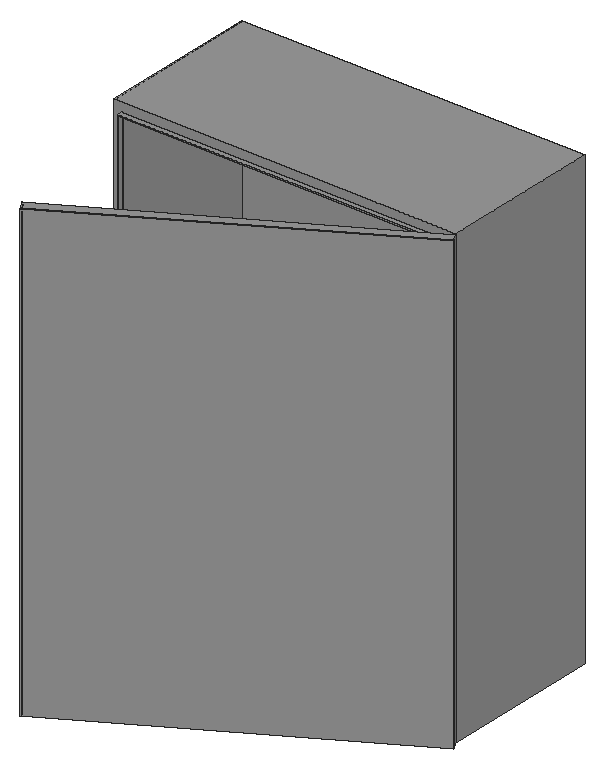
Revit family "Hager-Orion_Inox-IP65-D300-Cl.I-Inox_encl-630A-800mm-NoHosted-IT-it", category Equipement électrique, Revit 2020
Family settings
  Configuration du panneau = Deux colonnes, circuits au sein
  Cote de connecteur circulaire = Utiliser le diamètre
  Type d'élément = Tableau de raccordement
  Basée sur le plan de construction = Oui
  Toujours verticalement = Oui
  Couper avec des vides une fois chargée = Non
  Partagée = Non
  Point de calcul de pièce = Non
Parameters (values of type "incassato IP65 L600 A800 P300  - FL729BW")
  Width Control [instance] = if([EF000008 - Larghezza] > Min Width, [EF000008 - Larghezza], Min Width)  # 600 mm
  Commentaires du type = [HG000003 - Gamma]  # "Orion Inox"
  Thickness Door [instance] = if([EF009171 - spessore materiale porta/coperchio] > 3 mm, 3 mm, [EF009171 - spessore materiale porta/coperchio])  # 1.5 mm
  Seal Frame Offset [instance] = 17 mm  # constant formula
  Min Width [instance] = 100 mm  # constant formula
  Min Depth [instance] = (2 * [EF009170 - spessore materiale scatola]) + 1 mm  # 3.4 mm
  Min Height [instance] = 100 mm  # constant formula
  Internal Frame Depth [instance] = -(Door System Depth * 0.5)  # -9 mm
  Panel Name [instance] = ""  # (empty or 0)
  Model = ""
  HG000027 - Altezza dello zoccolo = 0 mm
  HG000026 - A pavimento = no
  HG000024 - Altezza della sezione inferiore = 600 mm
  HG000023 - Custodia a doppia sezione = no
  HG000016 - Visibilità delle porte nella vista 3D [instance] = yes
  HG000015 - Visibilità attraverso la porta [instance] = no
  HG000014 - Porta destra [instance] = yes
  HG000013 - Porta sinistra [instance] = not([HG000014 - Porta destra])  # no
  HG000012 - Angolo di apertura della porta [instance] = 30.00°
  HG000010 - Porte asimmetriche = no
  HG000009 - Porta doppia a battente = no
  HG000006 - Ad incasso = yes
  HG000004 - Codice produttore = "FL729BW"
  HG000003 - Gamma = "Orion Inox"
  HG000002 - Con porta = yes
  Frame Offset Bottom [instance] = 10 mm  # constant formula
  Frame Offset [instance] = 15 mm  # constant formula
  EF015940 - Coprire con rilascio di sovrapressione = no
  EF011959 - tipo di protezione (NEMA) = ""
  EF009554 - numero delle aperture per la piastra della flangia = 2
  EF009212 - esecuzione coperchio = "EV009916 - con taglio"
  EF009171 - spessore materiale porta/coperchio = 1.5 mm
  EF009170 - spessore materiale scatola = 1.2 mm
  EF008873 - corrente nominale (In) = 630 A
  EF007800 - adatto per parafulmine = no
  EF006306 - con serratura = yes
  EF006244 - coperchio/porta trasparente = no
  EF005474 - grado di protezione (IP) = "EV006421 - IP65"
  EF004464 - tipo di porta = "EV002646 - singolo"
  EF004427 - numero di moduli = 0
  EF004293 - resistenza agli urti = "EV008784 - IK10"
  EF003532 - adatto per uso esterno = yes
  EF002950 - Numero moduli DIN = 0
  EF001613 - Integrità del circuito = ""
  EF001596 - Attacco Lampada = "EV000166 - acciaio inossidabile"
  EF001131 - profondità interna = 200 mm
  EF001088 - possibilità di applicazione = no
  EF000437 - numero di ingressi per conduttori = 2
  EF000339 - tipo di copertura = "EV004216 - porta"
  EF000266 - numero di file = 0
  EF000218 - profondità di incasso = 0 mm
  EF000118 - con piastra di montaggio = yes
  EF000116 - numero RAL = ""
  EF000049 - profondità = 300 mm
  EF000040 - Altezza = 800 mm
  EF000008 - Larghezza = 600 mm
  EF000007 - colore = "EV000154 - altri"
  EF000003 - Tipo di montaggio = "EV001247 - apparente/incassato"
  Door System Leaf Tolerance [instance] = 1.5 mm  # constant formula
  Door System Depth [instance] = 18 mm  # constant formula
  Description = ""
  Default Elevation = 1219.2 mm
  Connector Offset [instance] = Height Control / 2  # 400 mm
  Fabricant = "Hager"  # constant formula
  Height Control [instance] = if([EF000040 - Altezza] > Min Height, [EF000040 - Altezza], Min Height)  # 800 mm
  Depth Control [instance] = if([EF000049 - profondità] > Min Depth, [EF000049 - profondità], Min Depth)  # 300 mm
Types (2, lengths in mm): name | HG000006 - Ad incasso
  apparente IP65 L600 A800 P300  - FL729BW | no
  incassato IP65 L600 A800 P300  - FL729BW | yes
Reference planes
  plane 1 "Center (Front/Back)": y = 0
  plane 2: z = 0
  plane 3 "Center (Left/Right)": x = 0
  plane 4: y = 0
  plane 5: y = 0
  plane 6: z = 0
  plane 7: x = -300
  plane 8: x = 300
  plane 9: x = 298.8
  plane 10: x = -298.8
  plane 11: z = 0
  plane 12: z = 1.2
  plane 13: y = -300
  plane 14: y = -1.2
  plane 15: x = 0
  plane 16: y = -282
  plane 17: y = -298.8
  plane 18: y = -280.8
  plane 19: x = -283.8
  plane 20: x = 283.8
  plane 21: z = 11.2
  plane 22: x = -283
  plane 23: x = 283
  plane 24: z = 0
  plane 25: z = 800
  plane 26: z = 800
  plane 27: z = 783.8
  plane 28: z = 798.8
Forms (mm)
  Extrusion 1, solid, material "Hager_Stainless_Steel", detail levels medium+fine
    sketch origin (-208.679, -4572, 0) x (-1, 0, 0) y (0, -1, 0)
      loop
        line (91.321, -4290) -> (-508.679, -4290) -> (-508.679, -4572) -> (91.321, -4572) -> (91.321, -4290)
    from 0 to 800
  Extrusion 2, void
    sketch origin (-350.771, -300, 1219.2) x (1, 0, 0) y (0, 0, 1)
      loop
        line (51.971, -420.4) -> (51.971, -1218) -> (649.571, -1218) -> (649.571, -420.4) -> (51.971, -420.4)
    from -19.2 to -298.8
  Extrusion 3, void
    sketch origin (-290.084, -282, 1219.2) x (1, 0, 0) y (0, 0, 1)
      loop
        line (6.284, -1208) -> (573.884, -1208) -> (573.884, -435.4) -> (6.284, -435.4) -> (6.284, -1208)
    from 0 to -1.2
  Extrusion 4, solid, material "Hager_Stainless_Steel", detail levels fine
    sketch origin (-290.084, -282, 1219.2) x (-1, 0, 0) y (0, 0, 1)
      loop
        line (-573.884, -1208) -> (-6.284, -1208) -> (-6.284, -435.4) -> (-573.884, -435.4) -> (-573.884, -1208)
      loop
        line (-575.384, -1209.5) -> (-4.784, -1209.5) -> (-4.784, -433.9) -> (-575.384, -433.9) -> (-575.384, -1209.5)
    from 0 to -9 <- "Internal Frame Depth"
  Extrusion 5, solid, material "Hager_Stainless_Steel", detail levels coarse
    sketch origin (0, 0, 0) x (1, 0, 0) y (0, 1, 0)
      loop
        line (-300, 0) -> (-300, -300) -> (300, -300) -> (300, 0) -> (-300, 0)
    from 0 to 800 <- "Height Control"
Cuts and joins
  Extrusion 2, Extrusion 3 cuts Extrusion 1
Lines and regions (mm)
  Masking region 1
    outline origin (0, 0, 0) x (1, 0, 0) y (0, 1, 0)
      loop
        line (-300, 0) -> (-300, -300) -> (300, -300) -> (300, 0) -> (-300, 0)
  Masking region 2
    outline origin (-290.084, -282, 1219.2) x (-1, 0, 0) y (0, 0, 1)
      loop
        line (-590.084, -1219.2) -> (9.916, -1219.2) -> (9.916, -419.2) -> (-590.084, -419.2) -> (-590.084, -1219.2)
  Masking region 3, detail levels coarse
    outline origin (0, 0, 0) x (0, 1, 0) y (0, 0, 1)
      loop
        line (0, 0) -> (0, 800) -> (-300, 800) -> (-300, 0) -> (0, 0)
  Masking region 4, detail levels medium+fine
    outline origin (0, 0, 594.038) x (0, 1, 0) y (0, 0, 1)
      loop
        line (0, -594.038) -> (0, 205.962) -> (-282, 205.962) -> (-282, -594.038) -> (0, -594.038)
Dimensions and locks
  locked: plane 1 "Center (Front/Back)" to plane 5
  "EF009170 - spessore materiale scatola": plane 7 to plane 10
  "EF009170 - spessore materiale scatola": plane 8 to plane 9
  equal spacing: plane 7, plane 3 "Center (Left/Right)", plane 8
  "Width Control": plane 7 to plane 8
  "Depth Control": plane 4 to plane 13
  "EF009170 - spessore materiale scatola": plane 4 to plane 14
  "Height Control": plane 25 to level
  "EF009170 - spessore materiale scatola": plane 12 to plane 11
  "EF009170 - spessore materiale scatola": plane 17 to plane 13
  "EF009170 - spessore materiale scatola": plane 18 to plane 16
  "Frame Offset Bottom": plane 21 to plane 12
  "Frame Offset": plane 10 to plane 19
  "Frame Offset": plane 9 to plane 20
  "Door System Depth": plane 16 to plane 13
  "Seal Frame Offset": plane 7 to plane 22
  "Seal Frame Offset": plane 8 to plane 23
  "EF009170 - spessore materiale scatola": plane 26 to plane 28
  "Frame Offset": plane 28 to plane 27
  "Connector Offset": plane 2 to connector elem
  "Thickness Door": cut or joined group of Extrusion 1, Extrusion 2, Extrusion 3 to Extrusion 4 sketch curve
  "Thickness Door": Extrusion 4 sketch curve to plane 19
  "Thickness Door": Extrusion 4 sketch curve to plane 20
  "Thickness Door": Extrusion 4 sketch curve to plane 27
  aligned and locked: Extrusion 2 sketch curve to plane 12
  aligned and locked: Extrusion 2 sketch curve to plane 9
  aligned and locked: Extrusion 2 sketch curve to plane 10
  aligned and locked: plane 14 to Extrusion 2
  aligned and locked: plane 4 to Extrusion 1 sketch curve
  aligned and locked: plane 8 to Extrusion 1 sketch curve
  aligned and locked: plane 7 to Extrusion 1 sketch curve
  aligned and locked: Extrusion 2 to plane 18
  aligned and locked: Extrusion 3 sketch curve to plane 19
  aligned and locked: plane 20 to Extrusion 3 sketch curve
  aligned and locked: Extrusion 3 to Extrusion 2
  aligned and locked: Extrusion 3 sketch curve to plane 21
  aligned and locked: plane 3 "Center (Left/Right)" to nested 1
  aligned and locked: Extrusion 1 sketch curve to plane 16
  aligned and locked: Masking region 1 sketch curve to plane 7
  aligned and locked: Masking region 1 sketch curve to plane 5
  aligned and locked: Masking region 1 sketch curve to plane 8
  aligned and locked: Masking region 2 sketch curve to level
  aligned and locked: level to Masking region 3 sketch curve
  aligned and locked: plane 1 "Center (Front/Back)" to Masking region 3 sketch curve
  aligned and locked: plane 13 to Masking region 3 sketch curve
  aligned and locked: Masking region 2 sketch curve to plane 8
  aligned and locked: Masking region 2 sketch curve to plane 7
  aligned and locked: plane 7 to nested 2
  aligned and locked: nested 2 to plane 5
  aligned and locked: plane 5 to Masking region 4 sketch curve
  aligned and locked: plane 26 to Masking region 4 sketch curve
  aligned and locked: Extrusion 5 sketch curve to plane 8
  aligned and locked: Extrusion 5 sketch curve to plane 7
  aligned and locked: Extrusion 5 sketch curve to plane 5
  aligned and locked: Extrusion 3 sketch curve to plane 27
  aligned and locked: Extrusion 2 sketch curve to plane 28
  aligned and locked: Extrusion 4 sketch curve to plane 27
  aligned and locked: Extrusion 4 sketch curve to plane 20
  aligned and locked: Extrusion 4 sketch curve to plane 21
  aligned and locked: Extrusion 4 sketch curve to plane 19
  aligned and locked: Masking region 2 to plane 25
  aligned and locked: Masking region 4 sketch curve to plane 24
  aligned and locked: Masking region 1 to plane 13
  aligned and locked: nested 1 to plane 16
  aligned and locked: Masking region 3 to plane 25
  aligned and locked: Masking region 4 sketch curve to plane 16
  aligned and locked: plane 24 to plane 11
  aligned and locked: plane 26 to plane 25
  aligned and locked: level to plane 24
  aligned and locked: Extrusion 1 to Masking region 3
  aligned and locked: level to nested 1
Automatic sketch dimensions
  Extrusion 5 sketch curve to plane 13 = 0 mm
  plane 27 to Masking region 2 sketch curve = 16.2 mm
  plane 27 to Masking region 3 sketch curve = 16.2 mm
  Masking region 1 sketch curve to plane 13 = 0 mm
  Extrusion 3 sketch curve to plane 21 = 0 mm
  plane 19 to Extrusion 3 sketch curve = 0 mm
  Extrusion 3 sketch curve to plane 20 = 0 mm
Nested families
  nested 1: "EC000058_OrionInox_Door" at (0, -282, 0), Double <- "HG000009 - Porta doppia a battente", Transparent <- "EF006244 - coperchio/porta trasparente", Angle <- "HG000012 - Angolo di apertura della porta", Door_Right <- "HG000014 - Porta destra", Assymetrical <- "HG000010 - Porte asimmetriche", Door <- "HG000002 - Con porta", Width_Ctrl <- "Width Control", 3d_Door <- "HG000016 - Visibilità delle porte nella vista 3D", Clearance <- "HG000015 - Visibilità attraverso la porta", Door_Left <- "HG000013 - Porta sinistra", Width <- "Width Control", Door_Depth <- "Door System Depth", Leaf_Tolerance <- "Door System Leaf Tolerance", Height <- "Height Control", Thickness <- "Thickness Door", type "EC000058_OrionInox_Door", detail levels medium+fine
    with min_wh 4 mm, Width_Ctrl 600 mm, Width 600 mm, Transparent no, Thickness 1.5 mm, Seal_Material Hager_Rubber, Leaf_Width 600 mm, Leaf_Tolerance_External_Sides 0 mm, Leaf_Tolerance 1.5 mm, Leaf_Offset 0 mm, Leaf_Height 797 mm, Leaf_2_Width 600 mm, Leaf_2_Offset 300 mm, Leaf_1_Width 600 mm, Leaf_1_Offset 300 mm, Height_Ctrl 800 mm, Height 800 mm, Glass_Material Hager_Glass, Double_Clearance_Ctrl no, Double no, Door_Right_Ctrl yes, Door_Right yes, Door_Material Hager_Stainless_Steel, Door_Left_Ctrl no, Door_Left no, Door_Depth 18 mm, Door yes, Clearance_Material Hager_Clearance, Clearance_Depth 600 mm, Clearance_Ctrl no, Clearance no, Assymetrical no, Angle 30.00°, 3d_Door yes
  nested 2: "Hager_Enclosure_Symbol" at (-300, 0, 0), Height <- "Depth Control", Width <- "Width Control", type "Hager_Enclosure_Symbol"
    with Width_Ctrl 600 mm, Width 600 mm, Height_Ctrl 300 mm, Height 300 mm, A_Width_Int 19.688 mm, A_Width 236.25 mm, A_Height_Ctrl 262.5 mm, A_Height 262.5 mm
Connectors
  electrical at (0, 0, 400)
    settings: on plane 1 "Center (Front/Back)", index 1, voltage 0 V, apparent load 0 VA, apparent load phase1 0 VA, apparent load phase2 0 VA, apparent load phase3 0 VA, power factor 1, load classification "Other", number of poles 1, system type 30, power factor state 1, is connector primary yes, connector utility no, sub classification motor no, connector description ""
Definition of nested family "EC000058_OrionInox_Door"
  Parameters (values of type "EC000058_OrionInox_Door")
    min_wh [instance] = (2 * Thickness) + 1 mm  # 11 mm
    Width_Ctrl [instance] = 400 mm
    Width [instance] = 500 mm
    Transparent [instance] = yes
    Thickness [instance] = 5 mm
    Seal_Material [instance] = none
    Leaf_Width [instance] = if((Width_Ctrl - 2 * Leaf_Tolerance_External_Sides) > 0 mm, (Width_Ctrl - 2 * Leaf_Tolerance_External_Sides), min_wh)  # 400 mm
    Leaf_Tolerance_External_Sides [instance] = 0 mm  # constant formula
    Leaf_Tolerance [instance] = 1.5 mm
    Leaf_Offset [instance] = 0 mm  # constant formula
    Leaf_Height [instance] = if((Height_Ctrl - 2 * Leaf_Tolerance) > 0 mm, (Height_Ctrl - 2 * Leaf_Tolerance), min_wh)  # 497 mm
    Leaf_2_Width [instance] = if(and(and(Double, Assymetrical), Door_Left), (Leaf_Width / 3) - (Leaf_Tolerance / 2), if(and(and(Double, Assymetrical), Door_Right), (Leaf_Width / 3) * 2 - (Leaf_Tolerance / 2), if(and(Double, not(Assymetrical)), (Leaf_Width / 2) - Leaf_Tolerance, Leaf_Width)))  # 400 mm
    Leaf_2_Offset [instance] = if(and(Double, Assymetrical), Leaf_2_Width / 2, if(and(Double, not(Assymetrical)), Leaf_Width / 4, Leaf_Width / 2))  # 200 mm
    Leaf_1_Width [instance] = if(and(and(Double, Assymetrical), Door_Right), (Leaf_Width / 3) - (Leaf_Tolerance / 2), if(and(and(Double, Assymetrical), Door_Left), (Width / 3) * 2 - (Leaf_Tolerance / 2), if(and(Double, not(Assymetrical)), (Leaf_Width / 2) - Leaf_Tolerance, Leaf_Width)))  # 400 mm
    Leaf_1_Offset [instance] = if(and(Double, Assymetrical), Leaf_1_Width / 2, if(and(Double, not(Assymetrical)), Leaf_Width / 4, Leaf_Width / 2))  # 200 mm
    Height_Ctrl [instance] = if(Height > min_wh, Height, min_wh)  # 500 mm
    Height [instance] = 500 mm
    Glass_Material [instance] = none
    Double_Clearance_Ctrl [instance] = and(Double, Clearance)  # no
    Double [instance] = no
    Door_Right_Ctrl [instance] = and(or(Door_Right, Double), Door)  # yes
    Door_Right [instance] = yes
    Door_Material [instance] = none
    Door_Left_Ctrl [instance] = and(or(Door_Left, Double), Door)  # no
    Door_Left [instance] = no
    Door_Depth [instance] = 30 mm
    Door [instance] = yes
    Default Elevation = 1219.2 mm
    Clearance_Material [instance] = none
    Clearance_Depth [instance] = if(Leaf_1_Width > Leaf_2_Width, Leaf_1_Width, Leaf_2_Width)  # 400 mm
    Clearance_Ctrl [instance] = and(not(Double), Clearance)  # yes
    Clearance [instance] = yes
    Assymetrical [instance] = yes
    Angle [instance] = 30.00°
    3d_Door [instance] = yes
  Reference planes
    plane 1 "Center (Front/Back)": y = 0
    plane 2 "Bottom": z = 0
    plane 3 "Center (Left/Right)": x = 0
    plane 4: z = 500
    plane 5: x = -200
    plane 6: x = 200
    plane 7: z = 500
    plane 8: x = -200
    plane 9: z = 0
    plane 10: x = 200
    plane 11: y = 0
    plane 12: z = 1.5
    plane 13: x = -600
    plane 14: y = -400
    plane 15: x = 600
    plane 16: x = 0
    plane 17: x = 0
    plane 18: x = -200
    plane 19: x = 200
    plane 20: z = 498.5
  Forms (mm)
    Extrusion 1, solid, material <- "Clearance_Material", visible <- "Double_Clearance_Ctrl"
      sketch origin (1200, 0, 0) x (1, 0, 0) y (0, 0, -1)
        loop
          line (-1800, -498.5) -> (-600, -498.5) -> (-600, 0) -> (-1800, 0) -> (-1800, -498.5)
      from 0 to -400
  Dimensions and locks
    equal spacing: plane 5, plane 3 "Center (Left/Right)", plane 6
    "Width_Ctrl": plane 5 to plane 6
    "Leaf_Offset": plane 5 to plane 8
    "Leaf_Offset": plane 6 to plane 10
    "Leaf_Offset": plane 9 to level
    "Leaf_Offset": plane 4 to plane 7
    "Height_Ctrl": plane 4 to level
    "Leaf_Tolerance": plane 12 to plane 9
    locked: plane 11 to plane 1 "Center (Front/Back)"
    "Leaf_1_Offset": plane 18 to plane 16
    "Leaf_2_Offset": plane 17 to plane 19
    "Leaf_1_Width": plane 13 to plane 8
    "Leaf_2_Width": plane 10 to plane 15
    "Clearance_Depth": plane 14 to plane 1 "Center (Front/Back)"
    "Leaf_Tolerance_External_Sides": plane 8 to plane 18
    "Leaf_Tolerance_External_Sides": plane 19 to plane 10
    "Leaf_Tolerance": plane 7 to plane 20
    aligned and locked: level to plane 2 "Bottom"
    aligned and locked: nested 1 to plane 16
    aligned and locked: nested 2 to plane 17
    aligned and locked: Extrusion 1 to plane 13
    aligned and locked: plane 15 to Extrusion 1
    aligned and locked: Extrusion 1 to plane 14
    aligned and locked: plane 12 to nested 1
    aligned and locked: nested 2 to plane 12
    aligned and locked: Extrusion 1 to plane 11
    aligned and locked: plane 20 to Extrusion 1
    aligned and locked: nested 2 to plane 11
    aligned and locked: nested 1 to plane 11
  Automatic sketch dimensions
    Extrusion 1 sketch curve to level = 0 mm
    plane 5 to Extrusion 1 sketch curve = 400 mm
    plane 6 to Extrusion 1 sketch curve = 400 mm
    Extrusion 1 sketch curve to plane 4 = 1.5 mm
  Nested families
    nested 1: "EC000058_OrionInox_Door_Leaf" at (0, 0, 1.5), Width <- "Leaf_1_Width", visible <- "Door_Left_Ctrl", Leaf_Height <- "Leaf_Height", Angle <- "Angle", 3d_Door <- "3d_Door", Transparent <- "Transparent", Clearance Material <- "Clearance_Material", Clearance <- "Clearance_Ctrl", Door_Material <- "Door_Material", Glass_Material <- "Glass_Material", Door_Depth <- "Door_Depth", Seal_Material <- "Seal_Material", Thickness <- "Thickness", type "EC000058_OrionInox_Door_Leaf"
      with Width 400 mm, Transparent_Ctrl yes, Transparent yes, Thickness 5 mm, Standard no, Seal_Material none, Seal_D2 8 mm, Seal_D1 1 mm, Offset_Internal_Frame 10 mm, Lock_Width 28 mm, Lock_Thickness 2 mm, Lock_Radius 6 mm, Leaf_Height 497 mm, Internal_Seal_Thickness 8 mm, Internal_Seal_Depth_2 4.5 mm, Internal_Frame_Depth 25 mm, Glass_Thickness -1 mm, Glass_Offset -2 mm, Glass_Material none, Door_Material none, Door_Depth 30 mm, Clearance Material none, Clearance yes, Angle_Ctrl 30.00°, Angle 30.00°, 3d_Door yes
    nested 2: "EC000058_OrionInox_Door_Leaf" at (0, 0, 1.5) x (-1, 0, 0) z (0, 0, 1), Width <- "Leaf_2_Width", visible <- "Door_Right_Ctrl", Leaf_Height <- "Leaf_Height", Angle <- "Angle", 3d_Door <- "3d_Door", Transparent <- "Transparent", Clearance Material <- "Clearance_Material", Clearance <- "Clearance_Ctrl", Door_Material <- "Door_Material", Glass_Material <- "Glass_Material", Door_Depth <- "Door_Depth", Seal_Material <- "Seal_Material", Thickness <- "Thickness", type "EC000058_OrionInox_Door_Leaf"
      with Width 400 mm, Transparent_Ctrl yes, Transparent yes, Thickness 5 mm, Standard no, Seal_Material none, Seal_D2 8 mm, Seal_D1 1 mm, Offset_Internal_Frame 10 mm, Lock_Width 28 mm, Lock_Thickness 2 mm, Lock_Radius 6 mm, Leaf_Height 497 mm, Internal_Seal_Thickness 8 mm, Internal_Seal_Depth_2 4.5 mm, Internal_Frame_Depth 25 mm, Glass_Thickness -1 mm, Glass_Offset -2 mm, Glass_Material none, Door_Material none, Door_Depth 30 mm, Clearance Material none, Clearance yes, Angle_Ctrl 30.00°, Angle 30.00°, 3d_Door yes
  Definition of nested family "EC000058_OrionInox_Door_Leaf"
    Parameters (values of type "EC000058_OrionInox_Door_Leaf")
      Width [instance] = 450 mm
      Transparent_Ctrl [instance] = and(Transparent, [3d_Door])  # yes
      Transparent [instance] = yes
      Thickness [instance] = 5 mm
      Standard [instance] = and(not(Transparent), [3d_Door])  # no
      Seal_Material [instance] = none
      Seal_D2 [instance] = 8 mm  # constant formula
      Seal_D1 [instance] = 1 mm  # constant formula
      Offset_Internal_Frame [instance] = 10 mm  # constant formula
      Lock_Width [instance] = Door_Depth - Lock_Thickness  # 28 mm
      Lock_Thickness [instance] = 2 mm  # constant formula
      Lock_Radius [instance] = 6 mm  # constant formula
      Leaf_Height [instance] = 450 mm
      Internal_Seal_Thickness [instance] = 8 mm  # constant formula
      Internal_Seal_Depth_2 [instance] = 4.5 mm  # constant formula
      Internal_Frame_Depth [instance] = if(Door_Depth - Thickness > 5 mm, Door_Depth - Thickness, 5 mm)  # 25 mm
      Glass_Thickness [instance] = if(Thickness > 15 mm, Glass_Offset + 10 mm, -1 mm)  # -1 mm
      Glass_Offset [instance] = if(Thickness > 15 mm, -(Thickness + 10 mm) / 2, -2 mm)  # -2 mm
      Glass_Material [instance] = none
      Door_Material [instance] = none
      Door_Depth [instance] = 30 mm
      Default Elevation = 0 mm
      Clearance Material [instance] = none
      Clearance [instance] = yes
      Angle_Ctrl [instance] = if(Angle > 180.00°, 180.00°, Angle)  # 90.00°
      Angle [instance] = 90.00°
      3d_Door [instance] = yes
    Reference planes
      plane 1 "Center (Front/Back)": y = 0
      plane 2: z = 0
      plane 3 "Center (Left/Right)": x = 0
      plane 4: y = 450
      plane 5: x = -225
      plane 6: x = 225
      plane 7: x = -675
      plane 8: z = 450
      plane 9: z = 30
      plane 10: z = 420
      plane 11: x = 195
      plane 12: x = -195
      plane 13: y = -3
      plane 14: z = 107.833
      plane 15: y = -5
      plane 16: y = -223.314
      plane 17: x = -225
      plane 18: y = 30
    Forms (mm)
      Extrusion 1, solid, material <- "Clearance Material", visible <- "Clearance"
        sketch origin (0, 0, 0) x (1, 0, 0) y (0, 0, 1)
          loop
            line (-675, 450) -> (-675, 0) -> (225, 0) -> (225, 450) -> (-675, 450)
        from 0 to -450
      Extrusion 2, solid, material <- "Door_Material", visible <- "Standard", detail levels medium+fine
        sketch origin (-225, 0, 0) x (0, 1, 0) y (-1, 0, 0)
          loop
            line (0, 30) -> (0, 25) -> (450, 25) -> (450, 30) -> (0, 30)
        from 0 to 450 <- "Leaf_Height"
      Extrusion 3, solid, material <- "Door_Material", visible <- "Transparent_Ctrl", detail levels medium+fine
        sketch origin (-225, 0, 0) x (0, 1, 0) y (-1, 0, 0)
          loop
            line (0, 25) -> (450, 25) -> (450, 30) -> (0, 30) -> (0, 25)
        from 0 to 450 <- "Leaf_Height"
      Extrusion 4, void
        sketch origin (-250, 450, 0) x (0, 1, 0) y (0, 0, -1)
          loop
            line (-30, -420) -> (-30, -30) -> (-420, -30) -> (-420, -420) -> (-30, -420)
        from 0 to 5 <- "Thickness"
      Sweep 5, solid, material <- "Seal_Material", visible <- "Transparent_Ctrl", detail levels fine
        path in 3D
          loop
            line (-250, 30, 30) -> (-250, 30, 420) -> (-250, 420, 420) -> (-250, 420, 30) -> (-250, 30, 30)
        profile origin (-250, 225, 30) x (1, 0, 0) y (0, 0, 1)
          loop
            line (0, 0) -> (0, -8) -> (1, -8) -> (1, 0) -> (0, 0)
      Extrusion 6, solid, material <- "Glass_Material", visible <- "Transparent_Ctrl", detail levels medium+fine
        sketch origin (-255, 0, 0) x (0, 1, 0) y (0, 0, -1)
          loop
            line (420, -420) -> (420, -30) -> (30, -30) -> (30, -420) -> (420, -420)
        from -2 <- "Glass_Offset" to -1 <- "Glass_Thickness"
      Extrusion 7, solid, material <- "Door_Material", visible <- "3d_Door", detail levels medium+fine
        sketch origin (-250, 450, 0) x (0, -1, 0) y (0, 0, -1)
          loop
            line (0, -450) -> (450, -450) -> (450, 0) -> (0, 0) -> (0, -450)
          loop
            line (445, -5) -> (5, -5) -> (5, -445) -> (445, -445) -> (445, -5)
        from 0 to 25 <- "Internal_Frame_Depth"
      Sweep 8, solid, material <- "Seal_Material", visible <- "Transparent_Ctrl", detail levels fine
        path in 3D
          loop
            line (-250, 0, 0) -> (-250, 450, 0) -> (-250, 450, 450) -> (-250, 0, 450) -> (-250, 0, 0)
        profile origin (-250, 0, 225) x (1, 0, 0) y (0, 1, 0)
          loop
            line (0, 10) -> (2.975, 10)
            arc (2.975, 10) -> (4.053, 10.447) -> (4.5, 11.525) r 1.525
            line (4.5, 11.525) -> (4.5, 16.527)
            arc (4.5, 16.527) -> (4.069, 17.569) -> (3.027, 18) r 1.473
            line (3.027, 18) -> (0, 18) -> (0, 10)
    Cuts and joins
      Extrusion 4 cuts Extrusion 3
    Lines and regions (mm)
      Masking region 1, detail levels medium+fine
        outline origin (0, 0, 0) x (0, 1, 0) y (0, 0, 1)
          loop
            line (0, 0) -> (30, 0) -> (30, 450) -> (0, 450) -> (0, 0)
      Masking region 2, detail levels medium+fine
        outline origin (0, 0, 0) x (1, 0, 0) y (0, 0, 1)
          loop
            line (-225, 450) -> (-225, 0) -> (225, 0) -> (225, 450) -> (-225, 450)
      symbolic lines
        curve 1: line (225, 0, 0) -> (-675, 0, 0)
        curve 2: arc (225, 0, 0) -> (-225, 450, 0) -> (-675, 0, 0) r 450
        curve 4: line (-255, 0, 0) -> (-255, 450, 0)
      reference lines
        curve 3: line (-225, 0, 0) -> (-225, 450, 0)
      symbolic lines, detail levels medium+fine
        curve 5: line (-255, 450, 0) -> (-250, 450, 0)
        curve 7: line (-250, 0, 0) -> (-255, 0, 0)
        curve 8: line (-250, 0, 0) -> (-225, 0, 0)
        curve 9: line (-225, 0, 0) -> (-225, 450, 0)
        curve 10: line (-225, 450, 0) -> (-250, 450, 0)
      symbolic lines, detail levels fine
        curve 6: line (-250, 450, 0) -> (-250, 0, 0)
      sketch lines
        curve 11: line (-250, 0, 450) -> (-250, 0, 0)
        curve 12: line (-250, 450, 0) -> (-250, 0, 0)
        curve 13: line (-250, 450, 450) -> (-250, 450, 0)
        curve 14: line (-250, 0, 450) -> (-250, 450, 450)
        curve 15: line (-250, 420, 30) -> (-250, 30, 30)
        curve 16: line (-250, 30, 30) -> (-250, 30, 420)
        curve 17: line (-250, 420, 420) -> (-250, 420, 30)
        curve 18: line (-250, 30, 420) -> (-250, 420, 420)
      symbolic lines, visible <- "Transparent", detail levels medium+fine
        curve 19: line (-195, 0, 420) -> (195, 0, 420)
        curve 20: line (-195, 0, 30) -> (-195, 0, 420)
        curve 21: line (195, 0, 30) -> (-195, 0, 30)
        curve 22: line (195, 0, 420) -> (195, 0, 30)
    Dimensions and locks
      "Width": plane 1 "Center (Front/Back)" to plane 4
      equal spacing: plane 5, plane 3 "Center (Left/Right)", plane 6
      "Width": plane 5 to plane 6
      "Width": plane 7 to plane 5
      "Leaf_Height": plane 8 to level
      "Width": curve 5 to curve 3
      "Width": curve 3 to curve 3
      plane 8 to plane 10 = 30 mm
      plane 9 to level = 30 mm
      plane 12 to plane 5 = 30 mm
      plane 6 to plane 11 = 30 mm
      Extrusion 4 sketch curve to Extrusion 3 = 30 mm
      Extrusion 3 to Extrusion 4 sketch curve = 30 mm
      Extrusion 1 to Extrusion 4 sketch curve = 30 mm
      curve 3 to Extrusion 4 sketch curve = 30 mm
      Extrusion 4 sketch curve to cut or joined group of Extrusion 3, Extrusion 4 = 30 mm
      cut or joined group of Extrusion 3, Extrusion 4 to Extrusion 6 sketch curve = 30 mm
      cut or joined group of Extrusion 3, Extrusion 4 to Extrusion 4 sketch curve = 30 mm
      "Thickness": curve 6 to curve 4
      "Thickness": Extrusion 7 sketch curve to Extrusion 7 sketch curve  (x4)
      "Door_Depth": curve 4 to curve 3
      "Offset_Internal_Frame": profile plane to Sweep 8 sketch curve
      "Internal_Seal_Thickness": Sweep 8 sketch curve to Sweep 8 sketch curve
      "Internal_Seal_Depth_2": profile plane to Sweep 8 sketch curve
      "Seal_D1": profile plane to Sweep 5 sketch curve
      "Seal_D2": profile plane to Sweep 5 sketch curve
      "Thickness": Extrusion 2 sketch curve to Extrusion 2 sketch curve
      "Door_Depth": plane 18 to plane 1 "Center (Front/Back)"
      radius of Sweep 8 sketch curve = 1.525 mm
      radius of Sweep 8 sketch curve = 1.473 mm
      "Angle_Ctrl": angle plane 1 "Center (Front/Back)" to curve 3
      aligned and locked: level to plane 2
      aligned and locked: Extrusion 1 to curve 1
      aligned and locked: plane 6 to Extrusion 1
      aligned and locked: plane 1 "Center (Front/Back)" to Extrusion 1
      aligned and locked: plane 4 to Extrusion 1
      aligned and locked: plane 8 to Extrusion 1
      aligned and locked: curve 7 to Extrusion 2 sketch curve
      aligned and locked: curve 5 to Extrusion 2 sketch curve
      aligned and locked: curve 7 to Extrusion 3 sketch curve
      aligned and locked: Extrusion 3 sketch curve to curve 4
      aligned and locked: Extrusion 3 sketch curve to curve 6
      aligned and locked: Extrusion 3 sketch curve to curve 5
      aligned and locked: curve 9 to curve 3
      aligned and locked: Extrusion 7 sketch curve to cut or joined group of Extrusion 3, Extrusion 4  (x4)
      aligned and locked: plane 17 to curve 3
      aligned and locked: plane 1 "Center (Front/Back)" to curve 3
      aligned and locked: plane 17 to plane 5
      aligned and locked: Sweep 8 sketch curve to profile plane
      aligned and locked: Sweep 5 sketch curve to profile plane  (x2)
      aligned and locked: plane 1 "Center (Front/Back)" to Masking region 1 sketch curve
      aligned and locked: plane 18 to Masking region 1 sketch curve
      aligned and locked: level to Masking region 1 sketch curve
      aligned and locked: Masking region 1 sketch curve to plane 8
      aligned and locked: plane 17 to Masking region 2 sketch curve
      aligned and locked: level to Masking region 2 sketch curve
      aligned and locked: Masking region 2 sketch curve to plane 8
      aligned and locked: plane 12 to curve 20
      aligned and locked: plane 10 to curve 19
      aligned and locked: plane 11 to curve 22
      aligned and locked: plane 9 to curve 21
      aligned and locked: Extrusion 2 sketch curve to cut or joined group of Extrusion 3, Extrusion 4
    Automatic sketch dimensions
      plane 1 "Center (Front/Back)" to curve 2 = 0 mm
      curve 2 to plane 5 = 0 mm
      Extrusion 1 sketch curve to level = 0 mm
      Extrusion 1 sketch curve to plane 7 = 0 mm
      Extrusion 1 sketch curve to plane 6 = 0 mm
      Extrusion 1 sketch curve to plane 8 = 0 mm
      Extrusion 3 to Extrusion 6 sketch curve = 30 mm  (x4)
      Masking region 2 sketch curve to plane 6 = 0 mm
      curve 4 to curve 3 = 0 mm
Definition of nested family "Hager_Enclosure_Symbol"
  Parameters (values of type "Hager_Enclosure_Symbol")
    Width_Ctrl [instance] = if(Width > 1 mm, Width, 1 mm)  # 102.27 mm
    Width [instance] = 102.27 mm
    Height_Ctrl [instance] = if(Height > 1 mm, Height, 1 mm)  # 66.5 mm
    A_Width_Int [instance] = if(A_Width / 12 > 2 mm, A_Width / 12, 2 mm)  # 4.364 mm
    A_Width [instance] = if(A_Height_Ctrl * 0.9 > 2 mm, A_Height_Ctrl * 0.9, 2 mm)  # 52.369 mm
    A_Height_Ctrl [instance] = if(A_Height > 2 mm, A_Height, 2 mm)  # 58.188 mm
    Height [instance] = 66.5 mm
    A_Height [instance] = Height - (Height / 8)  # 58.188 mm
  Reference planes
    plane 1 "Centre (avant/arrière)": y = 0
    plane 2: z = 0
    plane 3 "Centre (gauche/droite)": x = 0
    plane 4: x = 52.369
    plane 5: y = 33.042
    plane 6: y = 41.77
    plane 7: y = 66.5
    plane 8: x = 26.184
    plane 9: y = 37.406
    plane 10: x = 102.27
    plane 11: y = 66.5
    plane 12: y = 8.313
  Lines and regions (mm)
    Filled region 1, type "Solid_Black", in view "Niveau de réf."
      outline origin (0, 0, 0) x (1, 0, 0) y (0, 1, 0)
        loop
          line (52.369, 66.5) -> (33.188, 54.536) -> (45.365, 45.006) -> (52.369, 66.5)
    Filled region 2, type "Solid_Black", in view "Niveau de réf."
      outline origin (0, 0, 0) x (1, 0, 0) y (0, 1, 0)
        loop
          line (0, 0) -> (102.27, 0) -> (102.27, 66.5) -> (0, 0)
    detail lines, in view "Niveau de réf."
      curve 1: line (0, 8.313, 0) -> (26.184, 41.77, 0)
      curve 2: line (26.184, 41.77, 0) -> (26.184, 33.042, 0)
      curve 3: line (26.184, 33.042, 0) -> (52.369, 66.5, 0)
  Dimensions and locks
    "A_Width": plane 3 "Centre (gauche/droite)" to plane 4
    equal spacing: plane 3 "Centre (gauche/droite)", plane 8, plane 4
    equal spacing: plane 6, plane 9, plane 5
    equal spacing: curve 3, Filled region 1 sketch curve, Filled region 1 sketch curve
    "Height_Ctrl": plane 1 "Centre (avant/arrière)" to plane 11
    "A_Height_Ctrl": plane 11 to plane 12
    equal spacing: plane 11, plane 9, plane 12
    "A_Width_Int": plane 6 to plane 9
    "Width_Ctrl": plane 3 "Centre (gauche/droite)" to plane 10
    angle Filled region 1 sketch curve to curve 3 = 20.00°
    angle curve 3 to Filled region 1 sketch curve = 20.00°
    locked: curve 3 to Filled region 1 sketch curve (angle 90.00°)
    aligned and locked: plane 10 to Filled region 2
    aligned and locked: plane 11 to Filled region 2 sketch curve
    aligned and locked: plane 10 to Filled region 2 sketch curve
    aligned and locked: plane 3 "Centre (gauche/droite)" to curve 1
    aligned and locked: plane 12 to curve 1
    aligned and locked: plane 7 to plane 11
  Automatic sketch dimensions
    Filled region 1 sketch curve to plane 4 = 0 mm
    Filled region 1 sketch curve to plane 7 = 0 mm
    plane 1 "Centre (avant/arrière)" to Filled region 2 sketch curve = 0 mm
    Filled region 2 sketch curve to plane 3 "Centre (gauche/droite)" = 0 mm
    curve 2 to plane 6 = 0 mm
    curve 2 to plane 8 = 0 mm
    curve 3 to plane 4 = 0 mm
    curve 2 to plane 5 = 0 mm
    curve 3 to plane 7 = 0 mm
